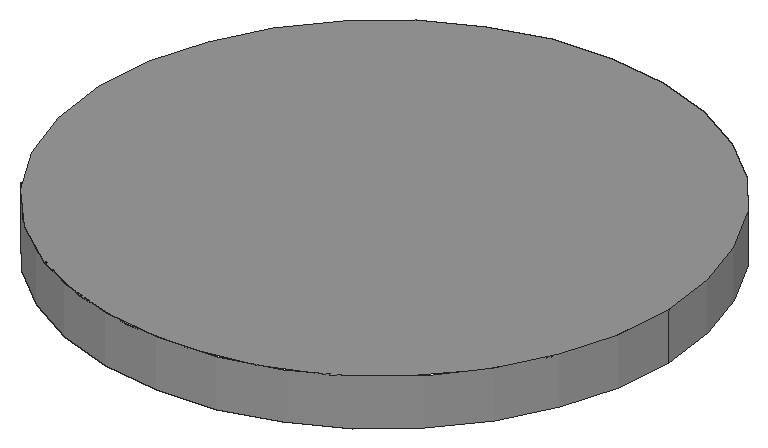
Revit family "265000 - Lighting - Puck Light", category Lighting Fixtures, Revit 2019
Family settings
  Round Connector Dimension = Use Diameter
  Part Type = Normal
  OmniClass Number = 23.80.70.00
  OmniClass Title = Lighting
  Work Plane-Based = No
  Always vertical = Yes
  Cut with Voids When Loaded = No
  Light Source = Yes
  Shared = No
  Room Calculation Point = No
Parameters (values of type "6"")
  Wattage = 18 W
  built-in parameter 1150110 = 1 (stored number, unit not read)
  built-in parameter 1114217 = 1 (stored number, unit not read)
  Tilt Angle = 90.00°
  built-in parameter 1150109 = 1 (stored number, unit not read)
  built-in parameter 1150134 = (empty or 0)
  built-in parameter 1150113 = 1 (stored number, unit not read)
  built-in parameter 1010507 = 0.7854 (stored number, unit not read)
  built-in parameter 1010506 = 0.7854 (stored number, unit not read)
  Radius = 0' - 3"
  Puck Material = LIGHT FIXTURE
  Lumens = 1485.72 lm
  built-in parameter 1150115 = 1 (stored number, unit not read)
  built-in parameter 1150105 = 1097.4 (stored number, unit not read)
  Light Source Symbol Length = 10' - 0"
  built-in parameter 1150137 = (empty or 0)
  built-in parameter 1150139 = (empty or 0)
  built-in parameter 1150112 = 1 (stored number, unit not read)
  built-in parameter 1150114 = 1 (stored number, unit not read)
  built-in parameter 1150132 = (empty or 0)
  built-in parameter 1150102 = (empty or 0)
  built-in parameter 1150138 = (empty or 0)
  built-in parameter 1150107 = 3500 (stored number, unit not read)
  built-in parameter 1150106 = 10.974 (stored number, unit not read)
  built-in parameter 1150104 = 7.6682 (stored number, unit not read)
  Dimming Lamp Color Temperature Shift = <None>
  Depth = 0' - 0 3/4"
  Color Filter = 16777215
  built-in parameter 1114218 = 1 (stored number, unit not read)
  built-in parameter 1150133 = 10 (stored number, unit not read)
Reference planes (in)
  plane 1 "Light Source Axis (F/B)": y = 0
  plane 2: z = 0
  plane 3 "Light Source Axis (L/R)": x = 0
  plane 4 "Light Source Elevation": z = 54
  plane 5: z = 54.75
  plane 6: z = 54.25
Forms (in)
  Extrusion 1, solid, material "LIGHT FIXTURE" <- "Puck Material"
    sketch origin (0, 0, 54) x (1, 0, 0) y (0, 1, 0)
      loop
        circle (0, 0) r 3
    from 0.25 to 0.75
Dimensions and locks (in)
  "Depth": plane 5 to plane 4 "Light Source Elevation"
  locked: plane 5 to plane 6 at 0.5
  "Radius": radius of Extrusion 1 sketch curve
  aligned and locked: plane 3 "Light Source Axis (L/R)" to imposter light
  aligned and locked: plane 1 "Light Source Axis (F/B)" to imposter light
  aligned and locked: plane 4 "Light Source Elevation" to imposter light
  aligned and locked: level to plane 2
  aligned and locked: plane 5 to Extrusion 1
  aligned and locked: Extrusion 1 to plane 6
Automatic sketch dimensions
  plane 1 "Light Source Axis (F/B)" to Extrusion 1 sketch curve = 0' - 0"
  Extrusion 1 sketch curve to plane 3 "Light Source Axis (L/R)" = 0' - 0"
